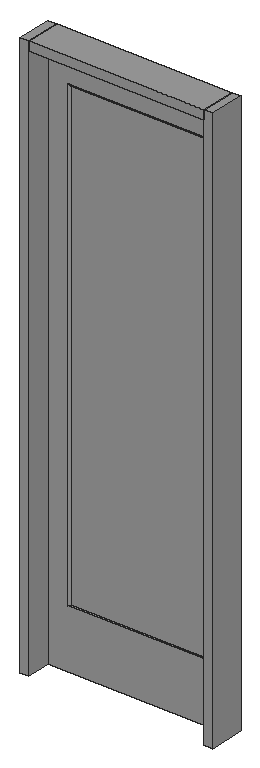
Revit family "Entrance-Doors_Steel_8ft-1-Panel-Flat-Shaker-Embossment-II20W_Taylor-Entrance", category Doors, host Wall, Revit 2024
Family settings
  Host = Wall
  OmniClass Number = 23.30.10.00
  OmniClass Title = Doors
  Always vertical = Yes
  Cut with Voids When Loaded = No
  Shared = No
  Room Calculation Point = No
Parameters (values of type "2' 6" x 8' 0"")
  URL = "https://www.groupenovatech.com/"
  Topmost Embossment Height = 13.0000"
  Middle Embossment Height = 25.5000"
  Thickness = 1.7300"
  Door Width = 29.7500"
  Door Material = Default Wall
  Door Height = 94.9400"
  Top Distance = 5.0000"
  Symbolic Pattern = Door Width  # 29.7500"
  Specification = "https://www.arcat.com/company/taylor-entrance-systems-inc-50999/spec"
  Product Page URL = "https://www.arcat.com/arcatcos/cos50/arc50999.html"
  Frame Thickness = 1.4850"
  Bottom Embossment Height = 79.2200"
  Model = ""
  Manufacturer = "Taylor Entrance Systems"
  Keynote = "08 42 00"
  Function = Interior
  Height = 94.9400"
  Wall Closure = By host
  Width = 29.7500"
  Define Thermal Properties by = Schematic Type
  Copyright = "ARCAT"
  CAD Details = "https://www.arcat.com/company/taylor-entrance-systems-inc-50999/cad"
  C - Distance = 3.3750"
  Bottom Distance = 10.0000"
  B - Distance = 3.3750"
  Analytic Construction = "<None>"
Types (4): name | Middle Embossment Height | Door Width | Door Material | Symbolic Pattern | Width | C - Distance | B - Distance
  2' 6" x 8' 0" | 25.5000" | 29.7500" | Default Wall | 29.7500" | 29.7500" | 3.3750" | 3.3750"
  2' 8" x 8' 0" | 25.3700" | 31.7500" | none | 31.7500" | 31.7500" | 4.3750" | 4.3750"
  2'10" x 8' 0" | 25.3700" | 33.7500" | none | 33.7500" | 33.7500" | 5.3750" | 5.3750"
  3' 0" x 8' 0" | 27.5000" | 35.7500" | none | 35.7500" | 35.7500" | 6.3750" | 6.3750"
Reference planes (in)
  plane 1: y = 0
  plane 2 "Center (Left/Right)": x = 0
  plane 3 "Left": x = -14.875
  plane 4 "Right": x = 14.875
  plane 5: z = 94.94
  plane 6 "Exterior": y = 2.95276
  plane 7 "Interior": y = -2.95276
  plane 8: x = 11.5
  plane 9: x = -11.5
  plane 10: z = 0
  plane 11: z = 79
  plane 12: y = 1.22276
  plane 13: y = 32.70276
  plane 14: x = 16.36
  plane 15: x = -16.36
  plane 16: z = 96.425
  plane 17: z = 10
  plane 18: z = 89.22
Forms (in)
  Extrusion 1, solid, material "Default Wall" <- "Door Material"
    sketch origin (0, 0, 0) x (1, 0, 0) y (0, 1, 0)
      loop
        line (-14.875, 2.95276) -> (-14.875, 1.22276) -> (14.875, 1.22276) -> (14.875, 2.95276) -> (-14.875, 2.95276)
    from 0 to 94.94
  Extrusion 2, solid, material "Default Wall" <- "Door Material"
    sketch origin (0, 0, 0) x (1, 0, 0) y (0, 1, 0)
      loop
        line (-16.36, 2.95276) -> (-16.36, -2.95276) -> (-14.875, -2.95276) -> (-14.875, 2.95276) -> (-16.36, 2.95276)
    from 0 to 96.425
  Extrusion 3, solid, material "Default Wall" <- "Door Material"
    sketch origin (0, 0, 0) x (1, 0, 0) y (0, 1, 0)
      loop
        line (14.875, 2.95276) -> (14.875, -2.95276) -> (16.36, -2.95276) -> (16.36, 2.95276) -> (14.875, 2.95276)
    from 0 to 96.425
  Extrusion 4, solid, material "Default Wall" <- "Door Material"
    sketch origin (0, 0, 0) x (0, 1, 0) y (0, 0, 1)
      loop
        line (2.95276, 96.425) -> (-2.95276, 96.425) -> (-2.95276, 94.94) -> (2.95276, 94.94) -> (2.95276, 96.425)
    from -14.875 to 14.875
  Blend 5, void
    base sketch origin (0, 2.95276, 0) x (1, 0, 0) y (0, 0, 1)
      loop
        line (11.5, 89.22) -> (-11.5, 89.22) -> (-11.5, 10) -> (11.5, 10) -> (11.5, 89.22)
    top sketch origin (0, 2.95276, 0) x (1, 0, 0) y (0, 0, 1)
      loop
        line (11.2604, 88.9804) -> (-11.2604, 88.9804) -> (-11.2604, 10.2396) -> (11.2604, 10.2396) -> (11.2604, 88.9804)
    from 0 to 0.18
  Blend 6, void
    base sketch origin (14.875, 1.22276, 0) x (1, 0, 0) y (0, 0, -1)
      loop
        line (-3.375, -89.22) -> (-3.375, -10) -> (-26.375, -10) -> (-26.375, -89.22) -> (-3.375, -89.22)
    top sketch origin (14.875, 1.22276, 0) x (-1, 0, 0) y (0, 0, -1)
      loop
        line (3.6146, -88.9804) -> (26.1354, -88.9804) -> (26.1354, -10.2396) -> (3.6146, -10.2396) -> (3.6146, -88.9804)
    from 0 to 0.18
Cuts and joins
  Blend 5, Blend 6 cuts Extrusion 1
Lines and regions (in)
  Opening 1
    outline origin (-120.07874, -2.95276, 0) x (1, 0, 0) y (0, 0, 1)
      loop
        line (103.71874, 0) -> (136.43874, 0) -> (136.43874, 96.425) -> (103.71874, 96.425) -> (103.71874, 0)
  symbolic lines, style "DoorsPanelProjection"
    curve 1: line (-14.875, 2.95276, 0) -> (-13.14453, 2.95276, 0)
    curve 2: line (-14.875, 32.70276, 0) -> (-14.875, 2.95276, 0)
    curve 3: line (-13.14453, 32.70276, 0) -> (-14.875, 32.70276, 0)
    curve 4: line (-13.14453, 2.95276, 0) -> (-13.14453, 32.70276, 0)
    curve 5: arc (-14.875, 32.70276, 0) -> (6.16143, 23.98918, 0) -> (14.875, 2.95276, 0) r 29.75
  symbolic lines, style "Elevation Swing"
    curve 6: line (-14.875, -2.95276, 48.2125) -> (14.875, -2.95276, 94.94)
    curve 7: line (-14.875, -2.95276, 47.47) -> (14.875, -2.95276, 0)
  symbolic lines
    curve 8: line (0, 2.95276, 59.1347) -> (0, 2.95276, 63.87)
Text (in)
  text "Exterior" at (-83.64806, 43.28909, 0), in view "Ref. Level"
  text "Exterior" at (0, 63.59764, 145.59372), in view "Left"
  text "Exterior" at (0, 40.78868, 152.55637), in view "Right"
  text "Interior" at (-85.30309, -10.03194, 0), in view "Ref. Level"
Dimensions and locks (in)
  equal spacing: plane 3 "Left", plane 2 "Center (Left/Right)", plane 4 "Right"  (x3)
  plane 3 "Left" to plane 4 "Right" = 29.7500"  (x2)
  "Door Height": host wall to plane 5
  host wall to plane 5 = 94.9400"
  locked: plane 6 "Exterior" to host wall
  locked: plane 7 "Interior" to host wall
  "Thickness": plane 6 "Exterior" to plane 12
  locked: curve 2 to curve 4 at 1.73047
  "Symbolic Pattern": plane 6 "Exterior" to plane 13
  "Door Width": plane 3 "Left" to plane 4 "Right"
  "Frame Thickness": plane 4 "Right" to plane 14
  "Frame Thickness": plane 15 to plane 3 "Left"
  "Frame Thickness": plane 5 to plane 16
  "B - Distance": plane 8 to plane 4 "Right"
  "C - Distance": plane 3 "Left" to plane 9
  locked: Extrusion 2 to Extrusion 4 sketch curve at 1.485
  "Bottom Distance": level to plane 17
  "Bottom Embossment Height": plane 17 to plane 18
  plane 18 to plane 5 = 5.7200"
  locked: Blend 5 sketch curve to plane 8 at 0.2396
  locked: Blend 5 sketch curve to plane 18 at 0.2396
  locked: plane 9 to Blend 5 sketch curve at 0.2396
  locked: plane 17 to Blend 5 sketch curve at 0.2396
  locked: plane 9 to Blend 6 sketch curve at 0.2396
  locked: plane 18 to Blend 6 sketch curve at 0.2396
  locked: plane 8 to Blend 6 sketch curve at 0.2396
  locked: Blend 6 sketch curve to plane 17 at 0.2396
  plane 8 to plane 9 = 23.0000"
  plane 9 to plane 8 = 23.0000"
  aligned and locked: Opening 1 sketch curve to level
  aligned and locked: plane 1 to host wall
  aligned and locked: plane 6 "Exterior" to Extrusion 1 sketch curve
  aligned and locked: plane 12 to Extrusion 1 sketch curve
  aligned and locked: plane 13 to curve 3
  aligned and locked: Extrusion 1 to level
  aligned and locked: Opening 1 sketch curve to plane 15
  aligned and locked: plane 16 to Opening 1 sketch curve
  aligned and locked: plane 14 to Opening 1 sketch curve
  aligned and locked: plane 3 "Left" to Extrusion 2 sketch curve
  aligned and locked: plane 15 to Extrusion 2 sketch curve
  aligned and locked: plane 6 "Exterior" to Extrusion 2 sketch curve
  aligned and locked: Extrusion 2 sketch curve to plane 7 "Interior"
  aligned and locked: plane 16 to Extrusion 2
  aligned and locked: plane 14 to Extrusion 3 sketch curve
  aligned and locked: Extrusion 3 sketch curve to plane 4 "Right"
  aligned and locked: plane 6 "Exterior" to Extrusion 3 sketch curve
  aligned and locked: Extrusion 3 sketch curve to plane 7 "Interior"
  aligned and locked: plane 16 to Extrusion 3
  aligned and locked: Extrusion 4 sketch curve to plane 16
  aligned and locked: plane 6 "Exterior" to Extrusion 4 sketch curve
  aligned and locked: Extrusion 4 sketch curve to plane 7 "Interior"
  aligned and locked: plane 3 "Left" to Extrusion 4
  aligned and locked: Extrusion 4 to plane 4 "Right"
  aligned and locked: plane 18 to Blend 5 sketch curve
  aligned and locked: plane 8 to Blend 5 sketch curve
  aligned and locked: Blend 5 sketch curve to plane 17
  aligned and locked: plane 9 to Blend 5 sketch curve
  aligned and locked: plane 18 to Blend 6 sketch curve
  aligned and locked: plane 8 to Blend 6 sketch curve
  aligned and locked: Blend 6 sketch curve to plane 17
  aligned and locked: plane 9 to Blend 6 sketch curve
Automatic sketch dimensions
  curve 8 to host wall = 0.0000"
  host wall to curve 8 = 0.0000"
  curve 8 to plane 11 = 19.8653"
  curve 8 to curve 8 = 4.7353"
  Extrusion 1 sketch curve to plane 3 "Left" = 0.0000"
  Extrusion 1 sketch curve to plane 4 "Right" = 0.0000"
  curve 1 to host wall = 0.0000"
  curve 1 to plane 3 "Left" = 0.0000"
  curve 5 to host wall = 0.0000"
  plane 3 "Left" to curve 7 = 0.0000"
  plane 3 "Left" to curve 6 = 0.0000"
  curve 7 to level = 0.0000"
  plane 4 "Right" to curve 7 = 0.0000"
  plane 4 "Right" to curve 6 = 0.0000"
  curve 6 to plane 5 = 0.0000"
  curve 7 to plane 11 = 31.5300"
  curve 7 to curve 6 = 0.7425"
